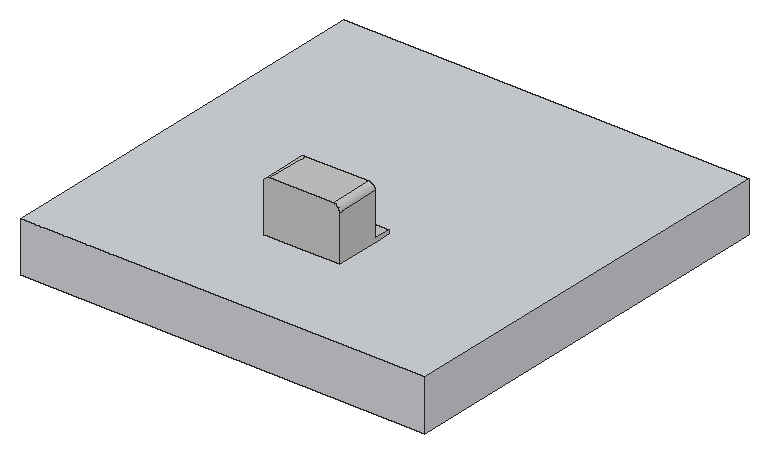
Revit family
Parameters (values of type "1655")
  Waste Connection = yes
  Vent Connection = no
  VG4 - Ventilation Grille 8-3/4" x 17" (Bottom Only) = no
  VG3 - Ventilation Grille 8-3/4" x 8-3/4" (Left, Right) = no
  VAC - AcornVac System = no
  URL = "http://www.acorneng.com"
  Type Comments = ""
  TH - Single Towel Hook on Left or Right = no
  TH - Double Towel Hook on Left or Right = no
  TG - 12 Gage (2.77mm) Cabinet = no
  TF - Transformer For Up to 12 Solenoids = no
  TB - Toothbrush Holder (Left or Right) = no
  SW - Wall Sleeve = no
  PT - P-Trap Waste = no
  PH - Integral Paper Holder = no
  PBP - Pushrod Activated Pushbutton = no
  PBH - Hemispherical Pushbutton = no
  OF - Lavatory Overflow = no
  Model = "1655"
  Manufacturer = "Acorn Engineering"
  MVC2-BAT - Time-Trol - Hot & Cold, Battery Operated = no
  MVC2 - Time-Trol - Hot & Cold = no
  MVC1-BAT - Time-Trol - Single Temp, Battery Operated = no
  MVC1 - Time-Trol - Single Temp = no
  MT - Metal Template = no
  MH - Metering, Hot Side only = no
  MA - Manifolded Valve (2,3,4) = no
  M - Metering = no
  LWE - Lavy Waste 3" (76mm) Standard Extension (Specify Length Beyond Fixture) = no
  LW1 - Lavy Through-Wall Extension With P-Trap = no
  LF - Lav-Filler = no
  IS - Integral Shelf = no
  HW Connection = no
  FMT - Fixture Mounted Trim = no
  EVSP2 - Electronic Valve System w/ Piezo Pushbuttons = no
  EVSP1 - Electronic Valve System w/ Piezo Pushbutton = no
  EVS2 - Electronic Valve System - Hot & Cold = no
  EVS1 - Electronic Valve System - Single Temp = no
  EG - Enviro-Glaze, Specify Color = no
  Designed By = "ATS BIM Team"
  Description = "18\" Rectangular Lavatory with Oval Bowl"
  Default Elevation = 2' - 8 1/2"
  Copyrighted By = "ATS"
  CW Connection = no
  CI - Cycle Interrupt for Time-Trol Valves = no
  BPH - Bubbler, Penal Hemispherical = no
  BP - Bubbler, Penal = no
  BC - Bubbler, Code = no
  Assembly Code = ""
  09 - Punched for Valve by Others (Specify Punching) = no
  04 - Air-Control, H&C, Non-Metering = no
  03 - Air-Control, Single Temp, Non-Metering = no
Reference planes (in)
  plane 1 "Center": y = 0
  plane 2: z = 0
  plane 3 "Center (Left/Right)": x = 0
  plane 4: y = -48
  plane 5 "Center (Front/Back)": y = -14
  plane 6: z = 5
  plane 7: y = -10
  plane 8: z = 12.5
  plane 9: y = -24.5
  plane 10: z = -3
  plane 11: z = 1
  plane 12: y = -22.25
Forms (in)
  Extrusion 1, solid
    sketch origin (0, 0, 0) x (1, 0, 0) y (0, 1, 0)
      loop
        line (-48, 48) -> (-48, -48) -> (48, -48) -> (48, 48) -> (-48, 48)
    from 0 to -12
  Extrusion 2, solid, material "Type 304 Stainless Steel"
    sketch origin (0, -19, -5.5) x (1, 0, 0) y (0, 0, -1)
      loop
        line (-9, -5.5) -> (-9, -16.5)
        arc (-9, -16.5) -> (-8.56066, -17.56066) -> (-7.5, -18) r 1.5
        line (-7.5, -18) -> (7.5, -18)
        arc (7.5, -18) -> (8.56066, -17.56066) -> (9, -16.5) r 1.5
        line (9, -16.5) -> (9, -5.5) -> (-9, -5.5)
    from -5.5 to 5
  Extrusion 3, solid, material "Type 304 Stainless Steel"
    sketch origin (-9, -14, 60) x (-1, 0, 0) y (0, 0, 1)
      loop
        line (0, -60) -> (0, -59) -> (-18, -59) -> (-18, -60) -> (0, -60)
    from 0 to 4
  Extrusion 4, void
    sketch origin (-9, -14, 54.4634) x (1, 0, 0) y (0, 0, 1)
      loop
        circle (9, -49.98401) r 1
    from 4.7708 to 5.33232
  Blend 5, void
    base sketch origin (-9, -14, 54.5) x (1, 0, 0) y (0, 0, 1)
      loop
        circle (9, -50) r 0.97938
    top sketch origin (-9, -14, 54.5) x (1, 0, 0) y (0, 0, 1)
      loop
        arc (4.79521, -52.6331) -> (7.12261, -53.1157) -> (9.497, -53.22523) r 15.025
        arc (9.497, -53.22523) -> (11.36947, -53.04544) -> (13.20479, -52.6331) r 15.025
        arc (13.20479, -52.6331) -> (16.13488, -49.78409) -> (15.41919, -45.76041) r 4.3605
        arc (15.41919, -45.76041) -> (14.49649, -44.88259) -> (13.35951, -44.3088) r 4.3605
        arc (13.35951, -44.3088) -> (9, -43.60345) -> (4.64049, -44.3088) r 13.825
        arc (4.64049, -44.3088) -> (1.81634, -47.27169) -> (2.69237, -51.27008) r 4.3605
        arc (2.69237, -51.27008) -> (2.85975, -51.45601) -> (3.03752, -51.63204) r 4.3605
        arc (3.03752, -51.63204) -> (3.85751, -52.2359) -> (4.79521, -52.6331) r 4.3605
    from 4.7708 to 0
  Extrusion 6, void
    sketch origin (-9, -14, 54.5) x (1, 0, 0) y (0, 0, 1)
      loop
        line (3, -53.02238) -> (3, -52.04455) -> (3.03752, -52.00704)
        arc (3.03752, -52.00704) -> (2.85975, -51.83101) -> (2.69237, -51.64508) r 4.3605
        line (2.69237, -51.64508) -> (2.64645, -51.691) -> (0.75, -51.691)
        arc (0.75, -51.691) -> (0.57322, -51.76422) -> (0.5, -51.941) r 0.25
        line (0.5, -51.941) -> (0.5, -53.02238)
        arc (0.5, -53.02238) -> (0.57322, -53.19915) -> (0.75, -53.27238) r 0.25
        line (0.75, -53.27238) -> (2.75, -53.27238)
        arc (2.75, -53.27238) -> (2.92678, -53.19915) -> (3, -53.02238) r 0.25
    from 0 to 0.22582
  Extrusion 7, solid
    sketch origin (0, -44.27473, -16.5366) x (1, 0, 0) y (0, 1, 0)
      loop
        circle (0, 22.00458) r 0.75
    from 13.5366 to 16.5366
  Extrusion 8, solid, material "Type 304 Stainless Steel"
    sketch origin (0, -2, -0.125) x (1, 0, 0) y (0, 0, 1)
      loop
        line (9, 0.125) -> (9, 1.125) -> (-9, 1.125) -> (-9, 0.125) -> (9, 0.125)
    from 8 to 12
Cuts and joins
  Extrusion 4, Blend 5, Extrusion 6 cuts Extrusion 2
  joined: Extrusion 2, Extrusion 3, Extrusion 8
Dimensions and locks (in)
  Extrusion 1 to plane 6 = 0' - 5"
  plane 5 "Center (Front/Back)" to plane 7 = 0' - 4"  (x2)
  Extrusion 1 to plane 8 = 1' - 0 1/2"
  plane 7 to plane 5 "Center (Front/Back)" = 0' - 4"
  plane 9 to plane 5 "Center (Front/Back)" = 0' - 10 1/2"
  Extrusion 1 to plane 10 = 0' - 3"
  plane 5 "Center (Front/Back)" to plane 9 = 0' - 10 1/2"
  Extrusion 8 to Extrusion 1 = 0' - 1"
  locked: plane 11 to Extrusion 1 at 1
  plane 12 to plane 7 = 1' - 0 1/4"
  aligned and locked: plane 2 to Extrusion 1
  aligned and locked: level to Extrusion 1
  aligned and locked: plane 11 to Extrusion 8
Connectors (in)
  piping at (0, -22.27015, -3)
    settings: on Extrusion 7, index 2
